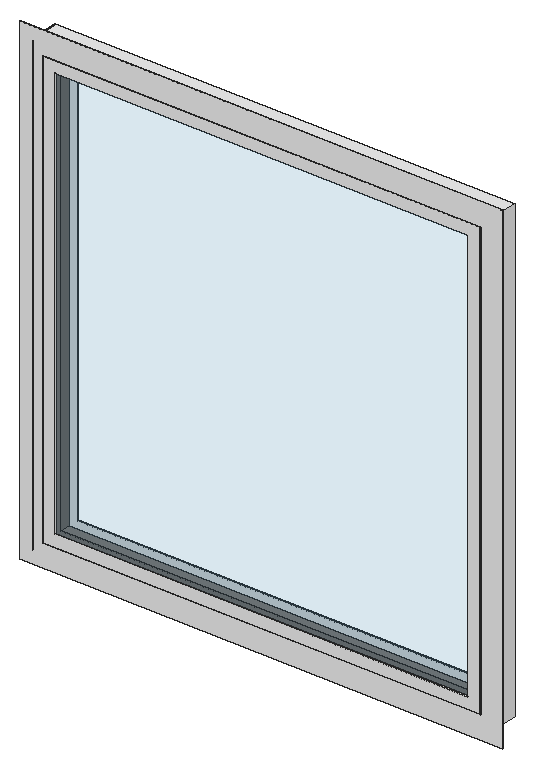
Revit family "Casement_28_I_Top_Hung_Standard", category Generic Models, host Wall, Revit 2014
Parameters (values of type "Casement_Sash_DG")
  Width Sash [instance] = 30 mm
  Width Sash Inner = 15 mm
  Width Bead = 15 mm
  Top Hung [instance] = yes
  Side Hung Right [instance] = yes
  Side Hung Left [instance] = yes
  Sash Opening Width [instance] = 600 mm
  Sash Opening Height [instance] = 600.312 mm
  Sash Lip = 15 mm
  Glazing Material [instance] = Glass
  DG Start Piece 2 [instance] = DG End Piece 1 + DG Gasket Thickness  # 25 mm
  DG Start Peice 1 [instance] = (Depth Sash - (2 * DG Glazing Thickness) - DG Gasket Thickness) / 2  # 6.6 mm
  Glazing Offset = 5 mm
  DG Glazing Thickness [instance] = 6.4 mm
  DG Gasket Thickness = 12 mm  # constant formula
  DG Gasket Material [instance] = Double Glazing Gasket Material
  DG End Piece 2 [instance] = DG Start Piece 2 + DG Glazing Thickness  # 31.4 mm
  DG End Piece 1 [instance] = DG Start Peice 1 + DG Glazing Thickness  # 13 mm
  Depth Sash [instance] = 38 mm
  Center Vertical Sash [instance] = Sash Opening Height / 2  # 300.156 mm
  Center Horizontal Sash [instance] = Sash Opening Width / 2  # 300 mm
  Bottom Hung [instance] = yes
  Bead Offset = 15 mm
  Aluminium Thickness = 1 mm
  Aluminium Material [instance] = White Powder Coated Aluminium
Reference planes
  plane 1 "Center (Front/Back)": y = 0
  plane 2: z = 0
  plane 3 "Center (Left/Right)": x = 0
Forms (mm)
  Sweep 1, solid, material "White Powder Coated Aluminium" <- "Aluminium Material"
    path origin (16.177, 0, 121.331) x (1, 0, 0) y (0, 0, 1)
      loop
        line (0, 0) -> (600, 0) -> (600, 600.312) -> (0, 600.312) -> (0, 0)
    profile origin (316.177, 0, 121.331) x (0, 0, 1) y (0, -1, 0)
      loop
        line (0, 0) -> (30, 0) -> (30, 1) -> (15, 1) -> (15, 38) -> (-15, 38) -> (-15, 37) -> (0, 37) -> (0, 0)
      loop
        line (14, 1) -> (14, 37) -> (1, 37) -> (1, 1) -> (14, 1)
  Sweep 2, solid, material "White Powder Coated Aluminium" <- "Aluminium Material"
    path origin (0, 0, 0) x (1, 0, 0) y (0, 0, 1)
      loop
        line (31.177, 706.643) -> (31.177, 136.331) -> (601.177, 136.331) -> (601.177, 706.643) -> (31.177, 706.643)
    profile origin (316.177, 0, 706.643) x (0, 0, 1) y (0, -1, 0)
      loop
        line (0, 37) -> (0, 38) -> (-15, 38) -> (-15, 37) -> (0, 37)
  Extrusion 3, solid, material "Glass" <- "Glazing Material"
    sketch origin (0, 0, 0) x (1, 0, 0) y (0, 0, 1)
      loop
        line (36.177, 701.643) -> (36.177, 141.331) -> (596.177, 141.331) -> (596.177, 701.643) -> (36.177, 701.643)
    from 6.6 <- "DG Start Peice 1" to 13 <- "DG End Piece 1"
  Extrusion 4, solid, material "Glass" <- "Glazing Material"
    sketch origin (0, 0, 0) x (1, 0, 0) y (0, 0, 1)
      loop
        line (36.177, 701.643) -> (36.177, 141.331) -> (596.177, 141.331) -> (596.177, 701.643) -> (36.177, 701.643)
    from 31.4 <- "DG End Piece 2" to 25 <- "DG Start Piece 2"
  Sweep 5, solid, material "Double Glazing Gasket Material" <- "DG Gasket Material"
    path origin (0, -13, 0) x (1, 0, 0) y (0, 0, 1)
      loop
        line (36.177, 701.643) -> (36.177, 141.331) -> (596.177, 141.331) -> (596.177, 701.643) -> (36.177, 701.643)
    profile origin (316.177, -13, 701.643) x (0, 0, 1) y (0, -1, 0)
      loop
        line (0, 0) -> (0, 12) -> (-7.96, 12) -> (-7.96, 0) -> (0, 0)
Lines and regions (mm)
  model lines
    curve 1: line (1.177, -38, 736.643) -> (31.177, -38, 706.643)
    curve 2: line (601.177, -38, 706.643) -> (631.177, -38, 736.643)
    curve 3: line (601.177, -38, 136.331) -> (631.177, -38, 106.331)
    curve 4: line (1.177, -38, 106.331) -> (31.177, -38, 136.331)
    curve 5: line (631.177, -37, 736.643) -> (616.177, -37, 721.643)
    curve 6: line (1.177, -37, 736.643) -> (16.177, -37, 721.643)
    curve 7: line (1.177, -37, 106.331) -> (16.177, -37, 121.331)
    curve 8: line (631.177, -37, 106.331) -> (616.177, -37, 121.331)
    curve 9: line (616.177, 0, 121.331) -> (586.177, 0, 151.331)
    curve 10: line (46.177, 0, 151.331) -> (16.177, 0, 121.331)
    curve 11: line (616.177, 0, 721.643) -> (586.177, 0, 691.643)
    curve 12: line (46.177, 0, 691.643) -> (16.177, 0, 721.643)
    curve 13: line (31.177, -38, 691.643) -> (46.177, -38, 691.643)
    curve 14: line (586.177, -38, 691.643) -> (601.177, -38, 691.643)
    curve 15: line (586.177, -38, 151.331) -> (601.177, -38, 151.331)
    curve 16: line (31.177, -38, 151.331) -> (46.177, -38, 151.331)
  model lines, style "GenericModelHiddenLines", visible <- "Top Hung"
    curve 17: line (46.386, -31.4, 690.914) -> (316.177, -31.4, 151.331)
    curve 18: line (316.177, -31.4, 151.331) -> (586.177, -31.4, 691.331)
  model lines, style "GenericModelHiddenLines", visible <- "Bottom Hung"
    curve 19: line (46.177, -31.4, 151.331) -> (316.177, -31.4, 691.331)
    curve 20: line (316.177, -31.4, 691.331) -> (586.177, -31.4, 151.331)
  model lines, style "GenericModelHiddenLines", visible <- "Side Hung Left"
    curve 21: line (46.386, -31.4, 690.914) -> (585.24, -31.4, 421.487)
    curve 22: line (585.24, -31.4, 421.487) -> (46.177, -31.4, 151.331)
  model lines, style "GenericModelHiddenLines", visible <- "Side Hung Right"
    curve 23: line (586.177, -31.4, 691.331) -> (46.177, -31.4, 421.487)
    curve 24: line (46.177, -31.4, 421.487) -> (586.177, -31.4, 151.331)
Dimensions and locks
  "Aluminium Thickness": Sweep 1 sketch curve to Sweep 1 sketch curve  (x4)
  "Depth Sash": Sweep 1 sketch curve to Sweep 1 sketch curve
  "Sash Opening Width": Sweep 1 to Sweep 1
  "Sash Opening Height": Sweep 1 to Sweep 1
  "Width Sash": Sweep 1 sketch curve to Sweep 1 sketch curve  (x2)
  "Width Sash Inner": Sweep 1 sketch curve to Sweep 1 sketch curve
  "Sash Lip": Sweep 1 sketch curve to Sweep 1 sketch curve
  "Aluminium Thickness": Sweep 1 to Sweep 2 sketch curve
  "Glazing Offset": Sweep 2 to Extrusion 3 sketch curve  (x3)
  "Glazing Offset": Extrusion 3 sketch curve to Sweep 2
  Sweep 1 to Sweep 1 = 1 mm
  "Aluminium Thickness": Sweep 2 sketch curve to Sweep 2 sketch curve
  "Width Bead": Sweep 2 sketch curve to Sweep 2 sketch curve
  locked: Sweep 5 sketch curve to Sweep 5 sketch curve at 7.96
  "Center Horizontal Sash": Sweep 1 to curve 18
  "Center Horizontal Sash": Sweep 1 to curve 20
  "Center Vertical Sash": Sweep 1 to curve 22
  "Center Vertical Sash": Sweep 1 to curve 24
  aligned and locked: level to plane 2
  aligned and locked: Sweep 1 sketch curve to Sweep 1 sketch curve  (x2)
  aligned and locked: Sweep 2 sketch curve to Sweep 1  (x5)
  aligned and locked: Extrusion 4 sketch curve to Extrusion 3  (x4)
  aligned and locked: Sweep 5 sketch curve to Extrusion 3  (x5)
  aligned and locked: Extrusion 3 to Sweep 5 sketch curve
Automatic sketch dimensions
  plane 3 "Center (Left/Right)" to Sweep 1 sketch curve = 16.177 mm
  level to Sweep 1 sketch curve = 121.331 mm
  plane 3 "Center (Left/Right)" to Sweep 1 sketch curve = 616.177 mm
  level to Sweep 1 sketch curve = 721.643 mm
  profile plane to Sweep 5 sketch curve = 12 mm
  curve 7 to Sweep 1 = 0 mm  (x4)
  curve 6 to Sweep 1 = 0 mm  (x3)
  Sweep 1 to curve 6 = 0 mm
  curve 5 to Sweep 1 = 0 mm  (x3)
  curve 8 to Sweep 1 = 0 mm  (x4)
  Sweep 1 to curve 5 = 0 mm
  curve 16 to Sweep 2 = 0 mm  (x3)
  curve 13 to Sweep 2 = 0 mm  (x3)
  curve 15 to Sweep 2 = 0 mm
  Sweep 2 to curve 15 = 0 mm  (x2)
  curve 14 to Sweep 2 = 0 mm  (x2)
  Sweep 2 to curve 14 = 0 mm
  curve 1 to Sweep 1 = 0 mm  (x4)
  curve 4 to Sweep 1 = 0 mm  (x3)
  Sweep 1 to curve 4 = 0 mm
  curve 3 to Sweep 1 = 0 mm  (x3)
  curve 2 to Sweep 1 = 0 mm  (x4)
  Sweep 1 to curve 3 = 0 mm
  curve 10 to Sweep 1 = 0 mm  (x4)
  curve 12 to Sweep 1 = 0 mm  (x3)
  Sweep 1 to curve 12 = 0 mm
  curve 9 to Sweep 1 = 0 mm  (x4)
  curve 11 to Sweep 1 = 0 mm  (x3)
  Sweep 1 to curve 11 = 0 mm
  Sweep 1 sketch curve to plane 1 "Center (Front/Back)" = 0 mm
  profile plane to Sweep 1 sketch curve = 0 mm
  curve 21 to Extrusion 4 = 10.208 mm
  curve 19 to Extrusion 4 = 10 mm
  curve 23 to Extrusion 4 = 10 mm  (x2)
  curve 22 to Extrusion 4 = 10.937 mm
  curve 20 to Extrusion 4 = 10 mm
  curve 24 to Extrusion 4 = 10 mm
  curve 22 to Extrusion 4 = 10 mm
  curve 18 to Extrusion 4 = 10 mm
  curve 21 to Extrusion 4 = 10.729 mm
  curve 19 to Extrusion 4 = 10.312 mm
  curve 18 to Extrusion 4 = 10.312 mm
Types in the file's own list only (20): name | Windload Design | Width Sash Opening | Width Sash 2 | Width Sash 1 | Width Profile | Width Panel 4 | Width Panel 3 | Width Panel 2 | Width Panel 1 | Width | URL | Max Pane Area | Limit Sash Bottom Height Max Calc | Limit Sash Bottom Height Max Based On Top Sash | Intruderprufe U Value | Intruderprufe SHGC Value | Intruderprufe LowE U Value | Intruderprufe LowE SHGC Value | Height | Energy Advantage U Value | Energy Advantage SHGC Value | Custom Window Width | Custom Window Height | Custom Windload | Custom Sash Width | Custom Sash Bottom Height | Custom Sash Top Height | Single Glazing | Sash Spacing Inner | Sash Overlap | Sash Center Offset | SG Gasket Thickness | Offset Window Exterior | Offset Sash Left | Offset Sash 2 Top | Offset Sash 1 Top | Offset Panel 4 Left | Offset Panel 3 Bead Top | Offset Mullion Left | Offset Transom 2 Top | Offset Transom 1 Top | Offset Bead SG Center Reversed | Model | Manufacturer | Limit Window Width Min | Limit Window Width Max | Limit Window Height Min | Limit Window Height Max | Limit Sash Width Min | Limit Sash Width Max | Limit Sash Bottom Height Min | Limit Sash Bottom Height Max | Limit Sash Top Height Min | Limit Sash Top Height Max | Limit Fixed Pane Width Min | Limit Fixed Pane Width Max | Limit Fixed Pane Height Min | Limit Fixed Pane Height Max | Length Transom | Length Mullion | Height Sash Bottom Opening | Height Sash Bottom | Height Sash Top Opening | Height Sash Top | Height Panel 4 | Height Panel 3 | Height Panel 2 | Height Panel 1 | Description | Depth Mullion | Frame Center Offset | Depth Bead | Default Sill Height | Wall Closure | Mullion Depth Windload Based | Window Exterior Offset | Clearvue U Value | Clearvue SHGC Value | Casement Dimension | Bottom Hung | Bead SG Gap | Area Pane Right | Area Pane Left Top | Area Pane Left Middle | Area Pane Left Bottom
  28-1215DT-1000Pa | 1000 mm | 554 mm | 524 mm | 524 mm | 30 mm | 560 mm | 540 mm | 540 mm | 540 mm | 1190 mm | "http://www.crealco.co.za/crealco-products.php" | 0.62 m² | 344 mm | 344 mm | 8.83 | 0.859 | 6.63 | 0.747 | 1190 mm | 6.79 | 0.797 | 1190 mm | 1190 mm | 1000 mm | 554 mm | 554 mm | 554 mm | Yes | 8 mm | 7 mm | 11 mm | 6 mm | 14 mm | 23 mm | 593 mm | 23 mm | 600 mm | 960 mm | 570 mm | 930 mm | 570 mm | 14 mm | "Casement 28" | "Crealco" | 830 mm | 2130 mm | 1190 mm | 1860 mm | 300 mm | 900 mm | 300 mm | 344 mm | 300 mm | 600 mm | 200 mm | 1500 mm | 200 mm | 1800 mm | 540 mm | 1190 mm | 344 mm | 314 mm | 554 mm | 524 mm | 1130 mm | 200 mm | 330 mm | 540 mm | "Window 28mm, Type I top hung" | 54 mm | 14 mm | 14 mm | 800 mm | By host | 54 mm | 0 mm | 8.89 | 0.89 | 28 mm | No | 13 mm | 0.62 m² | 0.23 m² | 0.13 m² | 0.10 m²
  28-1215DT-2000Pa | 2000 mm | 554 mm | 524 mm | 524 mm | 30 mm | 560 mm | 540 mm | 540 mm | 540 mm | 1190 mm | "http://www.crealco.co.za/crealco-products.php" | 0.78 m² | 600 mm | 644 mm | 8.85 | 0.845 | 6.71 | 0.748 | 1490 mm | 6.87 | 0.798 | 1190 mm | 1490 mm | 2000 mm | 554 mm | 554 mm | 554 mm | Yes | 8 mm | 7 mm | 11 mm | 6 mm | 14 mm | 23 mm | 593 mm | 23 mm | 600 mm | 1170 mm | 570 mm | 1140 mm | 570 mm | 14 mm | "Casement 28" | "Crealco" | 830 mm | 2130 mm | 1400 mm | 1860 mm | 300 mm | 900 mm | 300 mm | 600 mm | 300 mm | 600 mm | 200 mm | 1500 mm | 200 mm | 1800 mm | 540 mm | 1490 mm | 554 mm | 524 mm | 554 mm | 524 mm | 1430 mm | 290 mm | 540 mm | 540 mm | "Window 28mm, Type I top hung" | 70 mm | 14 mm | 14 mm | 800 mm | By host | 70 mm | 0 mm | 8.96 | 0.981 | 28 mm | No | 13 mm | 0.78 m² | 0.23 m² | 0.23 m² | 0.15 m²
  28-1515DT-1000Pa | 1000 mm | 554 mm | 524 mm | 524 mm | 30 mm | 860 mm | 540 mm | 540 mm | 540 mm | 1490 mm | "http://www.crealco.co.za/crealco-products.php" | 1.21 m² | 600 mm | 644 mm | 9.56 | 0.99 | 7.01 | 0.864 | 1490 mm | 7.16 | 0.919 | 1490 mm | 1490 mm | 1000 mm | 554 mm | 554 mm | 554 mm | Yes | 8 mm | 7 mm | 11 mm | 6 mm | 14 mm | 23 mm | 593 mm | 23 mm | 600 mm | 1170 mm | 570 mm | 1140 mm | 570 mm | 14 mm | "Casement 28" | "Crealco" | 830 mm | 2130 mm | 1400 mm | 1860 mm | 300 mm | 900 mm | 300 mm | 600 mm | 300 mm | 600 mm | 200 mm | 1500 mm | 200 mm | 1800 mm | 540 mm | 1490 mm | 554 mm | 524 mm | 554 mm | 524 mm | 1430 mm | 290 mm | 540 mm | 540 mm | "Window 28mm, Type I top hung" | 54 mm | 14 mm | 14 mm | 800 mm | By host | 54 mm | 0 mm | 9.65 | 1.032 | 28 mm | No | 13 mm | 1.21 m² | 0.23 m² | 0.23 m² | 0.15 m²
  28-1515DT-1500Pa | 1500 mm | 554 mm | 524 mm | 524 mm | 30 mm | 860 mm | 540 mm | 540 mm | 540 mm | 1490 mm | "http://www.crealco.co.za/crealco-products.php" | 1.21 m² | 600 mm | 644 mm | 9.57 | 0.978 | 7.08 | 0.864 | 1490 mm | 7.26 | 0.921 | 1490 mm | 1490 mm | 1500 mm | 554 mm | 554 mm | 554 mm | Yes | 8 mm | 7 mm | 11 mm | 6 mm | 14 mm | 23 mm | 593 mm | 23 mm | 600 mm | 1170 mm | 570 mm | 1140 mm | 570 mm | 14 mm | "Casement 28" | "Crealco" | 830 mm | 2130 mm | 1400 mm | 1860 mm | 300 mm | 900 mm | 300 mm | 600 mm | 300 mm | 600 mm | 200 mm | 1500 mm | 200 mm | 1800 mm | 540 mm | 1490 mm | 554 mm | 524 mm | 554 mm | 524 mm | 1430 mm | 290 mm | 540 mm | 540 mm | "Window 28mm, Type I top hung" | 70 mm | 14 mm | 14 mm | 800 mm | By host | 70 mm | 0 mm | 9.71 | 1.033 | 28 mm | No | 13 mm | 1.21 m² | 0.23 m² | 0.23 m² | 0.15 m²
  28-1815DT-1000Pa | 1000 mm | 854 mm | 824 mm | 824 mm | 30 mm | 860 mm | 840 mm | 840 mm | 840 mm | 1790 mm | "http://www.crealco.co.za/crealco-products.php" | 1.21 m² | 600 mm | 644 mm | 8.73 | 0.915 | 6.36 | 0.793 | 1490 mm | 6.51 | 0.848 | 1790 mm | 1490 mm | 1000 mm | 854 mm | 554 mm | 554 mm | Yes | 8 mm | 7 mm | 11 mm | 6 mm | 14 mm | 23 mm | 593 mm | 23 mm | 900 mm | 1170 mm | 870 mm | 1140 mm | 570 mm | 14 mm | "Casement 28" | "Crealco" | 1130 mm | 2430 mm | 1400 mm | 1860 mm | 300 mm | 900 mm | 300 mm | 600 mm | 300 mm | 600 mm | 200 mm | 1500 mm | 200 mm | 1800 mm | 840 mm | 1490 mm | 554 mm | 524 mm | 554 mm | 524 mm | 1430 mm | 290 mm | 540 mm | 540 mm | "Window 28mm, Type I top hung" | 54 mm | 14 mm | 14 mm | 800 mm | By host | 54 mm | 0 mm | 8.79 | 0.947 | 28 mm | No | 13 mm | 1.21 m² | 0.38 m² | 0.38 m² | 0.23 m²
  28-1815DT-1500Pa | 1500 mm | 854 mm | 824 mm | 824 mm | 30 mm | 860 mm | 840 mm | 840 mm | 840 mm | 1790 mm | "http://www.crealco.co.za/crealco-products.php" | 1.21 m² | 600 mm | 644 mm | 8.74 | 0.906 | 6.42 | 0.794 | 1490 mm | 6.56 | 0.849 | 1790 mm | 1490 mm | 1500 mm | 854 mm | 554 mm | 554 mm | Yes | 8 mm | 7 mm | 11 mm | 6 mm | 14 mm | 23 mm | 593 mm | 23 mm | 900 mm | 1170 mm | 870 mm | 1140 mm | 570 mm | 14 mm | "Casement 28" | "Crealco" | 1130 mm | 2430 mm | 1400 mm | 1860 mm | 300 mm | 900 mm | 300 mm | 600 mm | 300 mm | 600 mm | 200 mm | 1500 mm | 200 mm | 1800 mm | 840 mm | 1490 mm | 554 mm | 524 mm | 554 mm | 524 mm | 1430 mm | 290 mm | 540 mm | 540 mm | "Window 28mm, Type I top hung" | 70 mm | 14 mm | 14 mm | 800 mm | By host | 70 mm | 0 mm | 8.83 | 0.948 | 28 mm | No | 13 mm | 1.21 m² | 0.38 m² | 0.38 m² | 0.23 m²
  28-2415DT-1000Pa | 1000 mm | 854 mm | 824 mm | 824 mm | 30 mm | 1460 mm | 840 mm | 840 mm | 840 mm | 2390 mm | "http://www.crealco.co.za/crealco-products.php" | 2.06 m² | 600 mm | 644 mm | 9.68 | 1.073 | 6.88 | 0.935 | 1490 mm | 7.9 | 0 | 2390 mm | 1490 mm | 1000 mm | 854 mm | 554 mm | 554 mm | Yes | 8 mm | 7 mm | 11 mm | 6 mm | 14 mm | 23 mm | 593 mm | 23 mm | 900 mm | 1170 mm | 870 mm | 1140 mm | 570 mm | 14 mm | "Casement 28" | "Crealco" | 1130 mm | 2430 mm | 1400 mm | 1860 mm | 300 mm | 900 mm | 300 mm | 600 mm | 300 mm | 600 mm | 200 mm | 1500 mm | 200 mm | 1800 mm | 840 mm | 1490 mm | 554 mm | 524 mm | 554 mm | 524 mm | 1430 mm | 290 mm | 540 mm | 540 mm | "Window 28mm, Type I top hung" | 54 mm | 14 mm | 14 mm | 800 mm | By host | 54 mm | 0 mm | 7.9 | 0 | 28 mm | No | 13 mm | 2.06 m² | 0.38 m² | 0.38 m² | 0.23 m²
  28-2415DT-1500Pa | 1500 mm | 854 mm | 824 mm | 824 mm | 30 mm | 1460 mm | 840 mm | 840 mm | 840 mm | 2390 mm | "http://www.crealco.co.za/crealco-products.php" | 2.06 m² | 600 mm | 644 mm | 9.69 | 1.065 | 6.93 | 0.936 | 1490 mm | 7.9 | 0 | 2390 mm | 1490 mm | 1500 mm | 854 mm | 554 mm | 554 mm | Yes | 8 mm | 7 mm | 11 mm | 6 mm | 14 mm | 23 mm | 593 mm | 23 mm | 900 mm | 1170 mm | 870 mm | 1140 mm | 570 mm | 14 mm | "Casement 28" | "Crealco" | 1130 mm | 2430 mm | 1400 mm | 1860 mm | 300 mm | 900 mm | 300 mm | 600 mm | 300 mm | 600 mm | 200 mm | 1500 mm | 200 mm | 1800 mm | 840 mm | 1490 mm | 554 mm | 524 mm | 554 mm | 524 mm | 1430 mm | 290 mm | 540 mm | 540 mm | "Window 28mm, Type I top hung" | 70 mm | 14 mm | 14 mm | 800 mm | By host | 70 mm | 0 mm | 7.9 | 0 | 28 mm | No | 13 mm | 2.06 m² | 0.38 m² | 0.38 m² | 0.23 m²
  28-1218DT-1000Pa | 1000 mm | 554 mm | 524 mm | 524 mm | 30 mm | 560 mm | 540 mm | 540 mm | 540 mm | 1190 mm | "http://www.crealco.co.za/crealco-products.php" | 0.95 m² | 600 mm | 944 mm | 9.24 | 0.91 | 6.93 | 0.808 | 1790 mm | 7.1 | 0.863 | 1190 mm | 1790 mm | 1000 mm | 554 mm | 554 mm | 554 mm | Yes | 8 mm | 7 mm | 11 mm | 6 mm | 14 mm | 23 mm | 593 mm | 23 mm | 600 mm | 1170 mm | 570 mm | 1140 mm | 570 mm | 14 mm | "Casement 28" | "Crealco" | 830 mm | 2130 mm | 1400 mm | 1860 mm | 300 mm | 900 mm | 300 mm | 600 mm | 300 mm | 600 mm | 200 mm | 1500 mm | 200 mm | 1800 mm | 540 mm | 1790 mm | 554 mm | 524 mm | 554 mm | 524 mm | 1730 mm | 590 mm | 540 mm | 540 mm | "Window 28mm, Type I top hung" | 70 mm | 14 mm | 14 mm | 800 mm | By host | 70 mm | 0 mm | 9.37 | 0.963 | 28 mm | No | 13 mm | 0.95 m² | 0.23 m² | 0.23 m² | 0.31 m²
  28-1518DT-1000Pa | 1000 mm | 554 mm | 524 mm | 524 mm | 30 mm | 860 mm | 540 mm | 540 mm | 540 mm | 1490 mm | "http://www.crealco.co.za/crealco-products.php" | 1.46 m² | 600 mm | 944 mm | 10.17 | 1.066 | 7.44 | 0.945 | 1790 mm | 7.9 | 0 | 1490 mm | 1790 mm | 1000 mm | 554 mm | 554 mm | 554 mm | Yes | 8 mm | 7 mm | 11 mm | 6 mm | 14 mm | 23 mm | 593 mm | 23 mm | 600 mm | 1170 mm | 570 mm | 1140 mm | 570 mm | 14 mm | "Casement 28" | "Crealco" | 830 mm | 2130 mm | 1400 mm | 1860 mm | 300 mm | 900 mm | 300 mm | 600 mm | 300 mm | 600 mm | 200 mm | 1500 mm | 200 mm | 1800 mm | 540 mm | 1790 mm | 554 mm | 524 mm | 554 mm | 524 mm | 1730 mm | 590 mm | 540 mm | 540 mm | "Window 28mm, Type I top hung" | 70 mm | 14 mm | 14 mm | 800 mm | By host | 70 mm | 0 mm | 7.9 | 0 | 28 mm | No | 13 mm | 1.46 m² | 0.23 m² | 0.23 m² | 0.31 m²
  28-1818DT-1000Pa | 1000 mm | 854 mm | 824 mm | 824 mm | 30 mm | 860 mm | 840 mm | 840 mm | 840 mm | 1790 mm | "http://www.crealco.co.za/crealco-products.php" | 1.46 m² | 600 mm | 944 mm | 9.13 | 0.973 | 6.62 | 0.656 | 1790 mm | 7.9 | 0 | 1790 mm | 1790 mm | 1000 mm | 854 mm | 554 mm | 554 mm | Yes | 8 mm | 7 mm | 11 mm | 6 mm | 14 mm | 23 mm | 593 mm | 23 mm | 900 mm | 1170 mm | 870 mm | 1140 mm | 570 mm | 14 mm | "Casement 28" | "Crealco" | 1130 mm | 2430 mm | 1400 mm | 1860 mm | 300 mm | 900 mm | 300 mm | 600 mm | 300 mm | 600 mm | 200 mm | 1500 mm | 200 mm | 1800 mm | 840 mm | 1790 mm | 554 mm | 524 mm | 554 mm | 524 mm | 1730 mm | 590 mm | 540 mm | 540 mm | "Window 28mm, Type I top hung" | 70 mm | 14 mm | 14 mm | 800 mm | By host | 70 mm | 0 mm | 7.9 | 0 | 28 mm | No | 13 mm | 1.46 m² | 0.38 m² | 0.38 m² | 0.48 m²
  28-2418DT-1000Pa | 1000 mm | 854 mm | 824 mm | 824 mm | 30 mm | 1460 mm | 840 mm | 840 mm | 840 mm | 2390 mm | "http://www.crealco.co.za/crealco-products.php" | 2.49 m² | 600 mm | 944 mm | 10.33 | 1.164 | 7.32 | 1.025 | 1790 mm | 7.9 | 0 | 2390 mm | 1790 mm | 1000 mm | 854 mm | 554 mm | 554 mm | Yes | 8 mm | 7 mm | 11 mm | 6 mm | 14 mm | 23 mm | 593 mm | 23 mm | 900 mm | 1170 mm | 870 mm | 1140 mm | 570 mm | 14 mm | "Casement 28" | "Crealco" | 1130 mm | 2430 mm | 1400 mm | 1860 mm | 300 mm | 900 mm | 300 mm | 600 mm | 300 mm | 600 mm | 200 mm | 1500 mm | 200 mm | 1800 mm | 840 mm | 1790 mm | 554 mm | 524 mm | 554 mm | 524 mm | 1730 mm | 590 mm | 540 mm | 540 mm | "Window 28mm, Type I top hung" | 70 mm | 14 mm | 14 mm | 800 mm | By host | 70 mm | 0 mm | 7.9 | 0 | 28 mm | No | 13 mm | 2.49 m² | 0.38 m² | 0.38 m² | 0.48 m²
  28-1215DT-1500Pa | 1500 mm | 554 mm | 524 mm | 524 mm | 30 mm | 560 mm | 540 mm | 540 mm | 540 mm | 1190 mm | "http://www.crealco.co.za/crealco-products.php" | 0.62 m² | 344 mm | 344 mm | 8.83 | 0.859 | 6.63 | 0.747 | 1190 mm | 6.79 | 0.797 | 1190 mm | 1190 mm | 1500 mm | 554 mm | 554 mm | 554 mm | Yes | 8 mm | 7 mm | 11 mm | 6 mm | 14 mm | 23 mm | 593 mm | 23 mm | 600 mm | 960 mm | 570 mm | 930 mm | 570 mm | 14 mm | "Casement 28" | "Crealco" | 830 mm | 2130 mm | 1190 mm | 1860 mm | 300 mm | 900 mm | 300 mm | 344 mm | 300 mm | 600 mm | 200 mm | 1500 mm | 200 mm | 1800 mm | 540 mm | 1190 mm | 344 mm | 314 mm | 554 mm | 524 mm | 1130 mm | 200 mm | 330 mm | 540 mm | "Window 28mm, Type I top hung" | 54 mm | 14 mm | 14 mm | 800 mm | By host | 54 mm | 0 mm | 8.89 | 0.89 | 28 mm | No | 13 mm | 0.62 m² | 0.23 m² | 0.13 m² | 0.10 m²
  28-1218DT-1500Pa | 1500 mm | 554 mm | 524 mm | 524 mm | 30 mm | 560 mm | 540 mm | 540 mm | 540 mm | 1190 mm | "http://www.crealco.co.za/crealco-products.php" | 0.95 m² | 600 mm | 944 mm | 9.24 | 0.91 | 6.93 | 0.808 | 1790 mm | 7.1 | 0.863 | 1190 mm | 1790 mm | 1500 mm | 554 mm | 554 mm | 554 mm | Yes | 8 mm | 7 mm | 11 mm | 6 mm | 14 mm | 23 mm | 593 mm | 23 mm | 600 mm | 1170 mm | 570 mm | 1140 mm | 570 mm | 14 mm | "Casement 28" | "Crealco" | 830 mm | 2130 mm | 1400 mm | 1860 mm | 300 mm | 900 mm | 300 mm | 600 mm | 300 mm | 600 mm | 200 mm | 1500 mm | 200 mm | 1800 mm | 540 mm | 1790 mm | 554 mm | 524 mm | 554 mm | 524 mm | 1730 mm | 590 mm | 540 mm | 540 mm | "Window 28mm, Type I top hung" | 70 mm | 14 mm | 14 mm | 800 mm | By host | 70 mm | 0 mm | 9.37 | 0.963 | 28 mm | No | 13 mm | 0.95 m² | 0.23 m² | 0.23 m² | 0.31 m²
  28-1218DT-2000Pa | 2000 mm | 554 mm | 524 mm | 524 mm | 30 mm | 560 mm | 540 mm | 540 mm | 540 mm | 1190 mm | "http://www.crealco.co.za/crealco-products.php" | 0.95 m² | 600 mm | 944 mm | 9.24 | 0.91 | 6.93 | 0.808 | 1790 mm | 7.1 | 0.863 | 1190 mm | 1790 mm | 2000 mm | 554 mm | 554 mm | 554 mm | Yes | 8 mm | 7 mm | 11 mm | 6 mm | 14 mm | 23 mm | 593 mm | 23 mm | 600 mm | 1170 mm | 570 mm | 1140 mm | 570 mm | 14 mm | "Casement 28" | "Crealco" | 830 mm | 2130 mm | 1400 mm | 1860 mm | 300 mm | 900 mm | 300 mm | 600 mm | 300 mm | 600 mm | 200 mm | 1500 mm | 200 mm | 1800 mm | 540 mm | 1790 mm | 554 mm | 524 mm | 554 mm | 524 mm | 1730 mm | 590 mm | 540 mm | 540 mm | "Window 28mm, Type I top hung" | 70 mm | 14 mm | 14 mm | 800 mm | By host | 70 mm | 0 mm | 9.37 | 0.963 | 28 mm | No | 13 mm | 0.95 m² | 0.23 m² | 0.23 m² | 0.31 m²
  28-1515DT-2000Pa | 2000 mm | 554 mm | 524 mm | 524 mm | 30 mm | 860 mm | 540 mm | 540 mm | 540 mm | 1490 mm | "http://www.crealco.co.za/crealco-products.php" | 1.21 m² | 600 mm | 644 mm | 9.57 | 0.978 | 7.08 | 0.864 | 1490 mm | 7.26 | 0.921 | 1490 mm | 1490 mm | 2000 mm | 554 mm | 554 mm | 554 mm | Yes | 8 mm | 7 mm | 11 mm | 6 mm | 14 mm | 23 mm | 593 mm | 23 mm | 600 mm | 1170 mm | 570 mm | 1140 mm | 570 mm | 14 mm | "Casement 28" | "Crealco" | 830 mm | 2130 mm | 1400 mm | 1860 mm | 300 mm | 900 mm | 300 mm | 600 mm | 300 mm | 600 mm | 200 mm | 1500 mm | 200 mm | 1800 mm | 540 mm | 1490 mm | 554 mm | 524 mm | 554 mm | 524 mm | 1430 mm | 290 mm | 540 mm | 540 mm | "Window 28mm, Type I top hung" | 70 mm | 14 mm | 14 mm | 800 mm | By host | 70 mm | 0 mm | 9.71 | 1.033 | 28 mm | No | 13 mm | 1.21 m² | 0.23 m² | 0.23 m² | 0.15 m²
  28-1518DT-1500Pa | 1500 mm | 554 mm | 524 mm | 524 mm | 30 mm | 860 mm | 540 mm | 540 mm | 540 mm | 1490 mm | "http://www.crealco.co.za/crealco-products.php" | 1.46 m² | 600 mm | 944 mm | 10.17 | 1.066 | 7.44 | 0.945 | 1790 mm | 7.9 | 0 | 1490 mm | 1790 mm | 1500 mm | 554 mm | 554 mm | 554 mm | Yes | 8 mm | 7 mm | 11 mm | 6 mm | 14 mm | 23 mm | 593 mm | 23 mm | 600 mm | 1170 mm | 570 mm | 1140 mm | 570 mm | 14 mm | "Casement 28" | "Crealco" | 830 mm | 2130 mm | 1400 mm | 1860 mm | 300 mm | 900 mm | 300 mm | 600 mm | 300 mm | 600 mm | 200 mm | 1500 mm | 200 mm | 1800 mm | 540 mm | 1790 mm | 554 mm | 524 mm | 554 mm | 524 mm | 1730 mm | 590 mm | 540 mm | 540 mm | "Window 28mm, Type I top hung" | 70 mm | 14 mm | 14 mm | 800 mm | By host | 70 mm | 0 mm | 7.9 | 0 | 28 mm | No | 13 mm | 1.46 m² | 0.23 m² | 0.23 m² | 0.31 m²
  28-1815DT-2000Pa | 2000 mm | 854 mm | 824 mm | 824 mm | 30 mm | 860 mm | 840 mm | 840 mm | 840 mm | 1790 mm | "http://www.crealco.co.za/crealco-products.php" | 1.21 m² | 600 mm | 644 mm | 8.74 | 0.906 | 6.42 | 0.794 | 1490 mm | 6.56 | 0.849 | 1790 mm | 1490 mm | 2000 mm | 854 mm | 554 mm | 554 mm | Yes | 8 mm | 7 mm | 11 mm | 6 mm | 14 mm | 23 mm | 593 mm | 23 mm | 900 mm | 1170 mm | 870 mm | 1140 mm | 570 mm | 14 mm | "Casement 28" | "Crealco" | 1130 mm | 2430 mm | 1400 mm | 1860 mm | 300 mm | 900 mm | 300 mm | 600 mm | 300 mm | 600 mm | 200 mm | 1500 mm | 200 mm | 1800 mm | 840 mm | 1490 mm | 554 mm | 524 mm | 554 mm | 524 mm | 1430 mm | 290 mm | 540 mm | 540 mm | "Window 28mm, Type I top hung" | 70 mm | 14 mm | 14 mm | 800 mm | By host | 70 mm | 0 mm | 8.83 | 0.948 | 28 mm | No | 13 mm | 1.21 m² | 0.38 m² | 0.38 m² | 0.23 m²
  28-1818DT-1500Pa | 1500 mm | 854 mm | 824 mm | 824 mm | 30 mm | 860 mm | 840 mm | 840 mm | 840 mm | 1790 mm | "http://www.crealco.co.za/crealco-products.php" | 1.46 m² | 600 mm | 944 mm | 9.13 | 0.973 | 6.62 | 0.656 | 1790 mm | 7.9 | 0 | 1790 mm | 1790 mm | 1500 mm | 854 mm | 554 mm | 554 mm | Yes | 8 mm | 7 mm | 11 mm | 6 mm | 14 mm | 23 mm | 593 mm | 23 mm | 900 mm | 1170 mm | 870 mm | 1140 mm | 570 mm | 14 mm | "Casement 28" | "Crealco" | 1130 mm | 2430 mm | 1400 mm | 1860 mm | 300 mm | 900 mm | 300 mm | 600 mm | 300 mm | 600 mm | 200 mm | 1500 mm | 200 mm | 1800 mm | 840 mm | 1790 mm | 554 mm | 524 mm | 554 mm | 524 mm | 1730 mm | 590 mm | 540 mm | 540 mm | "Window 28mm, Type I top hung" | 70 mm | 14 mm | 14 mm | 800 mm | By host | 70 mm | 0 mm | 7.9 | 0 | 28 mm | No | 13 mm | 1.46 m² | 0.38 m² | 0.38 m² | 0.48 m²
  28-2415DT-2000Pa | 2000 mm | 854 mm | 824 mm | 824 mm | 30 mm | 1460 mm | 840 mm | 840 mm | 840 mm | 2390 mm | "http://www.crealco.co.za/crealco-products.php" | 2.06 m² | 600 mm | 644 mm | 9.69 | 1.065 | 6.93 | 0.936 | 1490 mm | 7.9 | 0 | 2390 mm | 1490 mm | 2000 mm | 854 mm | 554 mm | 554 mm | Yes | 8 mm | 7 mm | 11 mm | 6 mm | 14 mm | 23 mm | 593 mm | 23 mm | 900 mm | 1170 mm | 870 mm | 1140 mm | 570 mm | 14 mm | "Casement 28" | "Crealco" | 1130 mm | 2430 mm | 1400 mm | 1860 mm | 300 mm | 900 mm | 300 mm | 600 mm | 300 mm | 600 mm | 200 mm | 1500 mm | 200 mm | 1800 mm | 840 mm | 1490 mm | 554 mm | 524 mm | 554 mm | 524 mm | 1430 mm | 290 mm | 540 mm | 540 mm | "Window 28mm, Type I top hung" | 70 mm | 14 mm | 14 mm | 800 mm | By host | 70 mm | 0 mm | 7.9 | 0 | 28 mm | No | 13 mm | 2.06 m² | 0.38 m² | 0.38 m² | 0.23 m²
